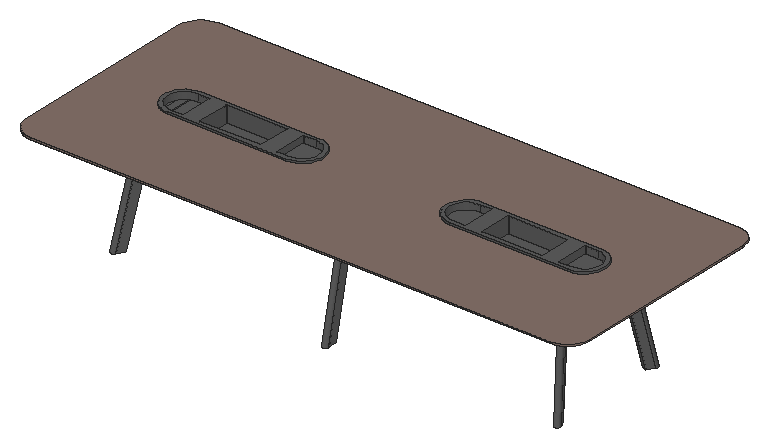
Revit family "Haworth_Immerse_SingleTable_RectangleTwoPieceTop", category Furniture Systems, Revit 2018
Family settings
  Round Connector Dimension = Use Diameter
  Part Type = Normal
  OmniClass Number = 23.40.70.14.64.21
  OmniClass Title = Systems Furniture
  Work Plane-Based = No
  Always vertical = Yes
  Cut with Voids When Loaded = No
  Shared = No
  Room Calculation Point = No
Parameters (values of type "60d 144w 29h - Oblong Planter")
  Warranty = "http://www.haworth.com/resources/product-info/warranties"
  Upper Top Thickness = 1 3/16"  # constant formula
  Understucture Thickness = 3 1/2"  # constant formula
  Understructure Overall Width = 81"
  Understructure Finish [instance] = Haworth _ Paint _ Black
  Understructure Depth = Actual Depth * (1 / 3)  # 20"
  URL - Product = "http://www.haworth.com/products/tables/collaborative/immerse"
  Top Finish [instance] = Haworth _ Wood _ Walnut
  Standard Widths = "144 in."  # constant formula
  Standard Heights = "29 in."  # constant formula
  Standard Depths = "48, 60 in."  # constant formula
  Size = "Verify Final Dim. w/ Haworth"  # constant formula
  Planter Finish [instance] = Haworth _ Paint _ Black
  Oblong Planter Void Height = if(Oblong Planter, 2", 13/128")  # 2"
  Oblong Planter = yes
  Model = "THRA-60E4"  # constant formula
  URL = "https://www.haworth.com/na/en.html"
  Revision Number = "1"  # constant formula
  Manufacturer = "Haworth"  # constant formula
  Lower Top Width = Actual Width - 2"  # 142"
  Lower Top Thickness = 1/8"  # constant formula
  Lower Top Cutout Width = Understructure Overall Width - 3"  # 78"
  Lower Top Cutout Depth = 12 1/2"  # constant formula
  Leg Finish [instance] = Haworth _ Wood _ Ink On Ash
  Description = "Haworth Immerse Single Table Rectangle Two Piece Top - 60d 144w 29h - Oblong Planter"
  Author = "Haworth (Bentzen)"  # constant formula
  Assembly Code = "E2020200"
  Actual Width = 144"  # constant formula
  Actual Height = 29"  # constant formula
  Actual Depth = 60"
Types (4): name | Understructure Depth | Oblong Planter Void Height | Oblong Planter | Description | Actual Depth
  48d 144w 29h - Oblong Planter | 16" | 2" | yes | "Haworth Immerse Single Table Rectangle Two Piece Top - 48d 144w 29h - Oblong Planter" | 48"
  48d 144w 29h - No Planter | 16" | 13/128" | no | "Haworth Immerse Single Table Rectangle Two Piece Top - 48d 144w 29h - No Planter" | 48"
  60d 144w 29h - Oblong Planter | 20" | 2" | yes | "Haworth Immerse Single Table Rectangle Two Piece Top - 60d 144w 29h - Oblong Planter" | 60"
  60d 144w 29h - No Planter | 20" | 13/128" | no | "Haworth Immerse Single Table Rectangle Two Piece Top - 60d 144w 29h - No Planter" | 60"
Reference planes (in)
  plane 1 "Floor": z = 0
  plane 2: z = 27.82
  plane 3: z = 29.82
  plane 4: z = 29
  plane 5: z = 28.66709
  plane 6: z = 27.82
  plane 7: z = 25.07
  plane 8: x = -82.30909
  plane 9: x = 61.69091
  plane 10: x = -10.30909
  plane 11: x = -80.30909
  plane 12: x = 59.69091
  plane 13: y = 18.84134
  plane 14: y = 48.84134
  plane 15: y = -11.15866
  plane 16: y = 46.84134
  plane 17: y = -9.15866
  plane 18: x = -63.124
  plane 19: x = 42.50582
  plane 20: x = -64.73122
  plane 21: x = 44.11305
  plane 22: y = 8.84134
  plane 23: y = 28.84134
  plane 24: x = -9.50635
  plane 25: x = -11.11182
  plane 26: y = 11.20334
  plane 27: y = 26.47934
  plane 28: x = -66.20909
  plane 29: x = -26.40909
  plane 30: x = -46.30909
  plane 31: y = 24.11172
  plane 32: y = 13.57096
  plane 33: x = 25.79653
  plane 34: x = -9.25627
  plane 35: x = -11.25634
Forms (in)
  Extrusion 1, solid, material "Haworth _ Paint _ Black" <- "Understructure Finish"
    sketch origin (-47.92254, 131.41995, 1.06449) x (0, 1, 0) y (0, 0, 1)
      loop
        line (-102.57861, 26.75551) -> (-104.94061, 26.75551) -> (-104.94061, 24.00551) -> (-102.57861, 24.00551) -> (-102.57861, 26.75551)
    from -15.20146 to 90.42836
  Extrusion 2, solid, material "Haworth _ Paint _ Black" <- "Understructure Finish"
    sketch origin (-47.92254, -179.73727, -24.86298) x (0, -1, 0) y (0, 0, -1)
      loop
        line (-188.57861, -52.68298) -> (-188.57861, -49.93298) -> (-190.94061, -49.93298) -> (-190.94061, -52.68298) -> (-188.57861, -52.68298)
    from -15.20146 to 90.42836
  Extrusion 3, void
    sketch origin (2.61861, 57.96796, 7) x (-1, 0, 0) y (0, -1, 0)
      loop
        arc (64.0177, 33.85624) -> (69.28808, 39.12661) -> (64.0177, 44.39699) r 5.27038
        line (64.0177, 44.39699) -> (33.8377, 44.39699)
        arc (33.8377, 44.39699) -> (28.56732, 39.12661) -> (33.8377, 33.85624) r 5.27038
        line (33.8377, 33.85624) -> (64.0177, 33.85624)
    from 20.82 to 22.82
  Extrusion 4, solid, material "Haworth _ Paint _ Black" <- "Understructure Finish"
    sketch origin (-37.14123, -120.2412, 11.98828) x (0, -1, 0) y (0, 0, -1)
      loop
        line (-129.08254, -15.83172) -> (-129.08254, -13.08172) -> (-149.08254, -13.08172) -> (-149.08254, -15.83172) -> (-129.08254, -15.83172)
    from 79.64705 to 81.25427
  Extrusion 5, solid, material "Haworth _ Paint _ Black" <- "Understructure Finish"
    sketch origin (-124.28941, -113.5172, -2.45431) x (0, -1, 0) y (0, 0, -1)
      loop
        line (-122.35854, -30.2743) -> (-122.35854, -27.52431) -> (-142.35854, -27.52431) -> (-142.35854, -30.2743) -> (-122.35854, -30.2743)
    from 59.55819 to 61.16541
  Extrusion 6, solid, material "Haworth _ Wood _ Walnut" <- "Top Finish"
    sketch origin (0, 0, 0) x (1, 0, 0) y (0, 1, 0)
      loop
        arc (-76.76221, 48.84134) -> (-80.68444, 47.2167) -> (-82.30909, 43.29447) r 5.54688
        line (-82.30909, 43.29447) -> (-82.30909, -5.61178)
        arc (-82.30909, -5.61178) -> (-80.68444, -9.53402) -> (-76.76221, -11.15866) r 5.54688
        line (-76.76221, -11.15866) -> (56.14404, -11.15866)
        arc (56.14404, -11.15866) -> (60.06627, -9.53402) -> (61.69091, -5.61178) r 5.54688
        line (61.69091, -5.61178) -> (61.69091, 43.29447)
        arc (61.69091, 43.29447) -> (60.06627, 47.2167) -> (56.14404, 48.84134) r 5.54688
        line (56.14404, 48.84134) -> (-76.76221, 48.84134)
    from 28.66709 to 29
  Blend 7, solid, material "Haworth _ Wood _ Walnut" <- "Top Finish"
    base sketch origin (0, 0, 0) x (1, 0, 0) y (0, 1, 0)
      loop
        arc (-74.80909, 46.84134) -> (-78.69817, 45.23043) -> (-80.30909, 41.34134) r 5.5
        line (-80.30909, 41.34134) -> (-80.30909, -3.61178)
        arc (-80.30909, -3.61178) -> (-78.68444, -7.53402) -> (-74.76221, -9.15866) r 5.54688
        line (-74.76221, -9.15866) -> (54.14404, -9.15866)
        arc (54.14404, -9.15866) -> (58.06627, -7.53402) -> (59.69091, -3.61178) r 5.54688
        line (59.69091, -3.61178) -> (59.69091, 41.29447)
        arc (59.69091, 41.29447) -> (58.06627, 45.2167) -> (54.14404, 46.84134) r 5.54688
        line (54.14404, 46.84134) -> (-74.80909, 46.84134)
    top sketch origin (0, 0, 0) x (1, 0, 0) y (0, 1, 0)
      loop
        arc (-76.76221, 48.84134) -> (-80.68444, 47.2167) -> (-82.30909, 43.29447) r 5.54688
        line (-82.30909, 43.29447) -> (-82.30909, -5.61178)
        arc (-82.30909, -5.61178) -> (-80.68444, -9.53402) -> (-76.76221, -11.15866) r 5.54688
        line (-76.76221, -11.15866) -> (56.14404, -11.15866)
        arc (56.14404, -11.15866) -> (60.06627, -9.53402) -> (61.69091, -5.61178) r 5.54688
        line (61.69091, -5.61178) -> (61.69091, 43.29447)
        arc (61.69091, 43.29447) -> (60.06627, 47.2167) -> (56.14404, 48.84134) r 5.54688
        line (56.14404, 48.84134) -> (-76.76221, 48.84134)
    from 27.82 to 28.66709
  Blend 8, solid, material "Haworth _ Wood _ Ink On Ash" <- "Leg Finish"
    base sketch origin (-325.71696, -155.49605, -9.73574) x (0.962386, 0.271687, 0) y (-0.271687, 0.962386, 0)
      loop
        line (293.14619, 84.68769) -> (291.56391, 83.10541)
        arc (291.56391, 83.10541) -> (291.56391, 82.00939) -> (292.65992, 82.00939) r 0.775
        line (292.65992, 82.00939) -> (294.2422, 83.59167) -> (293.14619, 84.68769)
    top sketch origin (-325.71696, -155.49605, -9.73574) x (0.962386, 0.271687, 0) y (-0.271687, 0.962386, 0)
      loop
        line (297.73116, 89.27266) -> (295.97741, 87.51891)
        arc (295.97741, 87.51891) -> (295.97741, 86.42289) -> (297.07342, 86.42289) r 0.775
        line (297.07342, 86.42289) -> (298.82718, 88.17665) -> (297.73116, 89.27266)
    from 9.73574 to 37.55574
  Blend 9, solid, material "Haworth _ Wood _ Ink On Ash" <- "Leg Finish"
    base sketch origin (-325.71693, 193.17877, -9.73574) x (0.962386, -0.271687, 0) y (0.271687, 0.962386, 0)
      loop
        line (293.14619, -84.68769) -> (294.2422, -83.59167) -> (292.65992, -82.00939)
        arc (292.65992, -82.00939) -> (291.56391, -82.00939) -> (291.56391, -83.10541) r 0.775
        line (291.56391, -83.10541) -> (293.14619, -84.68769)
    top sketch origin (-325.71693, 193.17877, -9.73574) x (0.962386, -0.271687, 0) y (0.271687, 0.962386, 0)
      loop
        line (297.73116, -89.27266) -> (298.82718, -88.17665) -> (297.07342, -86.42289)
        arc (297.07342, -86.42289) -> (295.97741, -86.42289) -> (295.97741, -87.51891) r 0.775
        line (295.97741, -87.51891) -> (297.73116, -89.27266)
    from 9.73574 to 37.55574
  Blend 10, solid, material "Haworth _ Wood _ Ink On Ash" <- "Leg Finish"
    base sketch origin (281.09879, -155.49605, -9.73574) x (-0.962386, 0.271687, 0) y (-0.271687, -0.962386, 0)
      loop
        line (270.04893, -91.20817) -> (271.14495, -90.11215) -> (269.56267, -88.52987)
        arc (269.56267, -88.52987) -> (268.46665, -88.52987) -> (268.46665, -89.62589) r 0.775
        line (268.46665, -89.62589) -> (270.04893, -91.20817)
    top sketch origin (281.09879, -155.49605, -9.73574) x (-0.962386, 0.271687, 0) y (-0.271687, -0.962386, 0)
      loop
        line (274.63391, -95.79314) -> (275.72992, -94.69713) -> (273.97617, -92.94337)
        arc (273.97617, -92.94337) -> (272.88015, -92.94337) -> (272.88015, -94.03939) r 0.775
        line (272.88015, -94.03939) -> (274.63391, -95.79314)
    from 9.73574 to 37.55574
  Blend 11, solid, material "Haworth _ Wood _ Ink On Ash" <- "Leg Finish"
    base sketch origin (281.09879, 193.17873, -9.73574) x (-0.962386, -0.271687, 0) y (0.271687, -0.962386, 0)
      loop
        line (270.04893, 91.20817) -> (268.46665, 89.62589)
        arc (268.46665, 89.62589) -> (268.46665, 88.52987) -> (269.56267, 88.52987) r 0.775
        line (269.56267, 88.52987) -> (271.14495, 90.11215) -> (270.04893, 91.20817)
    top sketch origin (281.09879, 193.17873, -9.73574) x (-0.962386, -0.271687, 0) y (0.271687, -0.962386, 0)
      loop
        line (274.63391, 95.79314) -> (272.88015, 94.03939)
        arc (272.88015, 94.03939) -> (272.88015, 92.94337) -> (273.97617, 92.94337) r 0.775
        line (273.97617, 92.94337) -> (275.72992, 94.69713) -> (274.63391, 95.79314)
    from 9.73574 to 37.55574
  Extrusion 12, solid, material "Haworth _ Paint _ Black" <- "Understructure Finish"
    sketch origin (-70.67001, -120.2412, 7.77448) x (0, -1, 0) y (0, 0, -1)
      loop
        line (-129.08254, -20.04552) -> (-129.08254, -17.29552) -> (-149.08254, -17.29552) -> (-149.08254, -20.04552) -> (-129.08254, -20.04552)
    from 59.55819 to 61.41374
  Blend 13, solid, material "Haworth _ Wood _ Ink On Ash" <- "Leg Finish"
    base sketch origin (-159.06919, 303.40359, -9.99195) x (0.707107, -0.707107, 0) y (0.707107, 0.707107, 0)
      loop
        line (294.22079, -84.89892) -> (295.31681, -83.8029) -> (293.73453, -82.22062)
        arc (293.73453, -82.22062) -> (292.63851, -82.22062) -> (292.63851, -83.31664) r 0.775
        line (292.63851, -83.31664) -> (294.22079, -84.89892)
    top sketch origin (-159.06919, 303.40359, -9.99195) x (0.707107, -0.707107, 0) y (0.707107, 0.707107, 0)
      loop
        line (298.80577, -89.48389) -> (299.90178, -88.38788) -> (298.14803, -86.63412)
        arc (298.14803, -86.63412) -> (297.05201, -86.63412) -> (297.05201, -87.73014) r 0.775
        line (297.05201, -87.73014) -> (298.80577, -89.48389)
    from 9.73574 to 37.81195
  Extrusion 14, void
    sketch origin (-23.23679, 57.96796, 7) x (1, 0, 0) y (0, 1, 0)
      loop
        line (64.0177, -33.85624) -> (34.07547, -33.85624)
        arc (34.07547, -33.85624) -> (28.80509, -39.12661) -> (34.07547, -44.39699) r 5.27038
        line (34.07547, -44.39699) -> (64.0177, -44.39699)
        arc (64.0177, -44.39699) -> (69.28808, -39.12661) -> (64.0177, -33.85624) r 5.27038
    from 20.5 to 22.82
  Blend 15, solid, material "Haworth _ Wood _ Ink On Ash" <- "Leg Finish", not visible
    base sketch origin (-159.06919, 339.08628, -9.73574) x (0.707107, -0.707107, 0) y (0.707107, 0.707107, 0)
      loop
        line (320.86647, -111.5446) -> (321.96249, -110.44858) -> (320.38021, -108.8663)
        arc (320.38021, -108.8663) -> (319.28419, -108.8663) -> (319.28419, -109.96232) r 0.775
        line (319.28419, -109.96232) -> (320.86647, -111.5446)
    top sketch origin (-159.06919, 339.08628, -9.73574) x (0.707107, -0.707107, 0) y (0.707107, 0.707107, 0)
      loop
        line (325.45145, -116.12957) -> (326.54746, -115.03356) -> (324.79371, -113.2798)
        arc (324.79371, -113.2798) -> (323.69769, -113.2798) -> (323.69769, -114.37582) r 0.775
        line (323.69769, -114.37582) -> (325.45145, -116.12957)
    from 9.73574 to 37.81195
  Blend 16, solid, material "Haworth _ Wood _ Ink On Ash" <- "Leg Finish"
    base sketch origin (-159.06919, 303.40359, -9.99195) x (0.707107, -0.707107, 0) y (0.707107, 0.707107, 0)
      loop
        line (317.53288, -108.211) -> (319.11516, -109.79328)
        arc (319.11516, -109.79328) -> (320.21117, -109.79328) -> (320.21117, -108.69727) r 0.775
        line (320.21117, -108.69727) -> (318.6289, -107.11499) -> (317.53288, -108.211)
    top sketch origin (-159.06919, 303.40359, -9.99195) x (0.707107, -0.707107, 0) y (0.707107, 0.707107, 0)
      loop
        line (312.9479, -103.62603) -> (314.70166, -105.37978)
        arc (314.70166, -105.37978) -> (315.79767, -105.37978) -> (315.79767, -104.28377) r 0.775
        line (315.79767, -104.28377) -> (314.04392, -102.53001) -> (312.9479, -103.62603)
    from 9.73574 to 37.81195
Cuts and joins
  Extrusion 3, Extrusion 14 cuts Extrusion 6
  Extrusion 3, Extrusion 14 cuts Blend 7
  Extrusion 3 cuts Extrusion 5
  Extrusion 14 cuts Extrusion 4
Lines and regions (in)
  Masking region 1
    outline origin (0, 0, 0) x (1, 0, 0) y (0, 1, 0)
      loop
        arc (-76.76221, 48.84134) -> (-80.68444, 47.2167) -> (-82.30909, 43.29447) r 5.54688
        line (-82.30909, 43.29447) -> (-82.30909, -5.61178)
        arc (-82.30909, -5.61178) -> (-80.68444, -9.53402) -> (-76.76221, -11.15866) r 5.54688
        line (-76.76221, -11.15866) -> (56.14404, -11.15866)
        arc (56.14404, -11.15866) -> (60.06627, -9.53402) -> (61.69091, -5.61178) r 5.54688
        line (61.69091, -5.61178) -> (61.69091, 43.29447)
        arc (61.69091, 43.29447) -> (60.06627, 47.2167) -> (56.14404, 48.84134) r 5.54688
        line (56.14404, 48.84134) -> (-76.76221, 48.84134)
  symbolic lines, style "Haworth Hidden", detail levels fine
    curve 1: line (-64.73122, 9.40886, 0) -> (-64.73122, 28.27382, 0)
    curve 2: line (-64.73122, 28.27382, 0) -> (-69.17106, 36.20648, 0)
    curve 3: arc (-69.17106, 36.20648, 0) -> (-68.78683, 37.5675, 0) -> (-67.42582, 37.18327, 0) r 1
    curve 4: line (-67.42582, 37.18327, 0) -> (-62.75693, 28.84137, 0)
    curve 5: line (-62.75693, 28.84137, 0) -> (42.13876, 28.84137, 0)
    curve 6: line (-64.73122, 9.40886, 0) -> (-69.17106, 1.47621, 0)
    curve 7: arc (-69.17106, 1.47621, 0) -> (-68.78683, 0.11519, 0) -> (-67.42582, 0.49941, 0) r 1
    curve 8: line (-67.42582, 0.49941, 0) -> (-62.75693, 8.84131, 0)
    curve 9: line (-62.75693, 8.84131, 0) -> (42.13876, 8.84131, 0)
    curve 10: line (44.11305, 9.40886, 0) -> (44.11305, 28.27382, 0)
    curve 11: line (-63.124, 26.47934, 0) -> (-63.124, 11.20334, 0)
    curve 12: line (-63.124, 11.20334, 0) -> (42.50582, 11.20334, 0)
    curve 13: line (42.50582, 11.20334, 0) -> (42.50582, 26.47934, 0)
    curve 14: line (42.50582, 26.47934, 0) -> (-63.124, 26.47934, 0)
    curve 15: line (44.11305, 28.27382, 0) -> (48.55288, 36.20648, 0)
    curve 16: arc (48.55288, 36.20648, 0) -> (48.16866, 37.5675, 0) -> (46.80764, 37.18327, 0) r 1
    curve 17: line (46.80764, 37.18327, 0) -> (42.13876, 28.84137, 0)
    curve 18: line (44.11305, 9.40886, 0) -> (48.55288, 1.47621, 0)
    curve 19: arc (48.55288, 1.47621, 0) -> (48.16866, 0.11519, 0) -> (46.80764, 0.49941, 0) r 1
    curve 20: line (46.80764, 0.49941, 0) -> (42.13876, 8.84131, 0)
    curve 21: line (-9.25627, 28.84137, 0) -> (-9.25627, 41.16562, 0)
    curve 22: arc (-9.25627, 41.16562, 0) -> (-10.25627, 42.16562, 0) -> (-11.25627, 41.16562, 0) r 1
    curve 23: line (-11.25627, 41.16562, 0) -> (-11.25627, 28.84137, 0)
    curve 24: line (-9.25627, 8.84131, 0) -> (-9.25627, -3.48294, 0)
    curve 25: arc (-9.25627, -3.48294, 0) -> (-10.25627, -4.48294, 0) -> (-11.25627, -3.48294, 0) r 1
    curve 26: line (-11.25627, -3.48294, 0) -> (-11.25627, 8.84131, 0)
Dimensions and locks (in)
  "Oblong Planter Void Height": plane 3 to plane 2
  equal spacing: plane 8, plane 10, plane 9
  "Actual Width": plane 8 to plane 9
  locked: plane 12 to plane 9 at 2
  locked: plane 8 to plane 11 at 2
  "Actual Depth": plane 14 to plane 15
  equal spacing: plane 14, plane 13, plane 15
  locked: plane 14 to plane 16 at 2
  locked: plane 17 to plane 15 at 2
  plane 19 to plane 21 to plane 12 = 1.60722" locked, 15.57786" locked
  plane 11 to plane 20 to plane 18 = 15.57786", 1.60722"
  locked: plane 23 to plane 27 at 2.362
  locked: plane 26 to plane 22 at 2.362
  equal spacing: plane 23, plane 13, plane 22
  "Understructure Depth": plane 23 to plane 22
  equal spacing: plane 28, plane 30, plane 29
  locked: plane 32 to plane 31 at 10.54076
  plane 4 to plane 5 to plane 6 to plane 7 = 0.33291" locked, 0.84709" locked, 2 3/4" locked
  "Actual Height": plane 4 to plane 1 "Floor"
  aligned and locked: Extrusion 2 to plane 7
  aligned and locked: plane 6 to Extrusion 1
  aligned and locked: Extrusion 1 to plane 7
  aligned and locked: plane 6 to Extrusion 2
  aligned and locked: Extrusion 3 to plane 3
  aligned and locked: Extrusion 3 to plane 2
  aligned and locked: Extrusion 4 to plane 7
  aligned and locked: plane 6 to Extrusion 4
  aligned and locked: nested 1 to plane 4
  aligned and locked: plane 6 to Extrusion 5
  aligned and locked: Extrusion 5 to plane 7
  aligned and locked: plane 14 to Extrusion 6
  aligned and locked: Extrusion 6 to plane 15
  aligned and locked: plane 8 to Extrusion 6
  aligned and locked: Extrusion 6 to plane 9
  aligned and locked: Extrusion 6 to plane 4
  aligned and locked: Extrusion 6 to plane 5
  aligned and locked: Blend 7 to plane 5
  aligned and locked: Blend 7 to plane 6
  aligned and locked: plane 6 to Blend 8
  aligned and locked: plane 6 to Blend 9
  aligned and locked: plane 6 to Blend 10
  aligned and locked: plane 6 to Blend 11
  aligned and locked: nested 2 to plane 6
  aligned and locked: plane 6 to nested 3
  aligned and locked: Extrusion 1 to Extrusion 5
  aligned and locked: Extrusion 1 to Extrusion 2
  aligned and locked: plane 19 to Extrusion 1
  aligned and locked: plane 19 to Extrusion 2
  aligned and locked: Extrusion 4 to Extrusion 2
  aligned and locked: plane 20 to Extrusion 5
  aligned and locked: Extrusion 5 to plane 18
  aligned and locked: plane 21 to Extrusion 4
  aligned and locked: plane 22 to Extrusion 12
  aligned and locked: plane 23 to Extrusion 12
  aligned and locked: plane 25 to Extrusion 12
  aligned and locked: plane 22 to nested 6
  aligned and locked: nested 2 to Blend 8
  aligned and locked: nested 5 to Blend 11
  aligned and locked: nested 4 to Blend 10
  aligned and locked: nested 7 to plane 23
  aligned and locked: Blend 13 to plane 23
  aligned and locked: nested 6 to plane 22
  aligned and locked: nested 3 to Blend 9
  aligned and locked: plane 30 to nested 1
  aligned and locked: plane 13 to nested 1
  aligned and locked: Extrusion 14 to plane 3
  aligned and locked: cut or joined group of Extrusion 3, Extrusion 6, Extrusion 14 to plane 31  (x2)
  aligned and locked: cut or joined group of Extrusion 3, Extrusion 6, Extrusion 14 to plane 32  (x2)
  aligned and locked: Blend 16 to plane 22
  aligned and locked: plane 23 to cut or joined group of Extrusion 3, Extrusion 5
  aligned and locked: plane 22 to cut or joined group of Extrusion 3, Extrusion 5
  aligned and locked: plane 22 to Extrusion 2
  aligned and locked: plane 26 to Extrusion 2
  aligned and locked: plane 23 to Extrusion 1
  aligned and locked: plane 27 to Extrusion 1
  aligned and locked: plane 21 to cut or joined group of Extrusion 4, Extrusion 14
  aligned and locked: cut or joined group of Extrusion 4, Extrusion 14 to plane 19
  aligned and locked: plane 22 to cut or joined group of Extrusion 4, Extrusion 14
  aligned and locked: plane 23 to cut or joined group of Extrusion 4, Extrusion 14
  aligned and locked: Masking region 1 to plane 9
  aligned and locked: plane 14 to Masking region 1
  aligned and locked: plane 8 to Masking region 1
  aligned and locked: Masking region 1 to plane 15
  aligned and locked: nested 8 to plane 13
  aligned and locked: nested 8 to plane 33
  aligned and locked: plane 2 to Blend 16
  aligned and locked: plane 2 to Blend 13
  aligned and locked: nested 6 to plane 2
  aligned and locked: plane 2 to nested 7
  aligned and locked: plane 6 to Blend 16
  aligned and locked: plane 6 to nested 4
  aligned and locked: nested 5 to plane 6
  aligned and locked: Blend 9 to plane 1 "Floor"
  aligned and locked: Blend 8 to plane 1 "Floor"
  aligned and locked: plane 34 to nested 6
  aligned and locked: plane 35 to nested 7
  aligned and locked: Extrusion 12 to plane 34
  aligned and locked: Extrusion 12 to plane 7
  aligned and locked: plane 6 to Extrusion 12
  aligned and locked: Blend 10 to plane 1 "Floor"
  aligned and locked: Blend 11 to plane 1 "Floor"
Automatic sketch dimensions
  Blend 7 sketch curve to plane 11 = 0"
  Blend 7 sketch curve to plane 16 = 0"
  Blend 7 sketch curve to plane 17 = 0"
  Blend 7 sketch curve to plane 12 = 0"
  Blend 7 sketch curve to Blend 7 sketch curve = 5 1/2"
  plane 11 to Blend 7 sketch curve = 5 35/64"
  plane 12 to Blend 7 sketch curve = 5 35/64"  (x2)
  Blend 13 sketch curve to Blend 13 sketch curve = 0.54801"  (x4)
  Blend 13 sketch curve to Blend 13 sketch curve = 1.58228"
  Blend 13 sketch curve to Blend 13 sketch curve = 1.09601"
  Blend 13 sketch curve to Blend 13 sketch curve = 0.48626"
  Blend 13 sketch curve to Blend 13 sketch curve = 1.09602"  (x2)
  Blend 13 sketch curve to Blend 13 sketch curve = 1.75375"
  Blend 15 sketch curve to Blend 15 sketch curve = 0.54801"  (x4)
  Blend 15 sketch curve to Blend 15 sketch curve = 1.58228"
  Blend 15 sketch curve to Blend 15 sketch curve = 1.09601"
  Blend 15 sketch curve to Blend 15 sketch curve = 0.48626"
  Blend 15 sketch curve to Blend 15 sketch curve = 1.09602"  (x2)
  Blend 15 sketch curve to Blend 15 sketch curve = 1.75375"
  Blend 16 sketch curve to Blend 16 sketch curve = 0.54801"  (x4)
  Blend 16 sketch curve to Blend 16 sketch curve = 1.58228"
  Blend 16 sketch curve to Blend 16 sketch curve = 1.09601"
  Blend 16 sketch curve to Blend 16 sketch curve = 2.67829"
  Blend 16 sketch curve to Blend 16 sketch curve = 1.09602"  (x2)
  Blend 16 sketch curve to Blend 16 sketch curve = 1.75375"
  curve 6 to plane 20 = 0"
  curve 12 to plane 18 = 0"
  curve 13 to plane 19 = 0"
  curve 18 to plane 21 = 0"
  curve 13 to plane 26 = 0"
  plane 27 to curve 14 = 0"
  plane 28 to curve 8 = 1.21673"
  plane 28 to curve 4 = 1.21673"
  curve 7 to curve 8 = 0.87262"
  curve 3 to curve 4 = 0.87262"
  curve 2 to curve 3 = 0.87262"
  curve 6 to curve 7 = 0.87262"
  plane 22 to curve 9 = 0.00003"
  curve 9 to plane 18 = 0.36707"
  plane 23 to curve 5 = 0.00003"
  curve 5 to plane 18 = 0.36707"
  plane 25 to curve 26 = 0.14445"
  plane 25 to curve 23 = 0.14445"
  plane 10 to curve 22 = 0.05281"
  plane 10 to curve 25 = 0.05281"
  curve 9 to plane 19 = 0.36707"
  curve 17 to plane 19 = 0.36707"
  plane 21 to curve 17 = 2.69459"
  plane 21 to curve 20 = 2.69459"
  curve 16 to curve 16 = 0.87262"
  curve 19 to curve 19 = 0.87262"
  curve 16 to curve 15 = 0.87262"
  curve 19 to curve 18 = 0.87262"
  plane 22 to curve 18 = 7.36514"
  plane 22 to curve 6 = 7.36514"
  curve 7 to curve 7 = 0.4884"
  curve 19 to curve 19 = 0.4884"
  plane 17 to curve 24 = 5.67572"
  curve 6 to plane 22 = 0.56752"
  curve 10 to plane 22 = 0.56752"
  curve 1 to plane 23 = 0.56752"
  curve 10 to plane 23 = 0.56752"
  plane 23 to curve 2 = 7.36514"
  plane 23 to curve 15 = 7.36514"
  curve 15 to curve 16 = 0.4884"
  curve 2 to curve 3 = 0.4884"
  curve 23 to plane 16 = 5.67572"
  plane 6 to Extrusion 1 sketch curve = 0"
  plane 27 to Extrusion 1 sketch curve = 0"
  plane 23 to Extrusion 1 sketch curve = 0"
  Extrusion 1 sketch curve to plane 7 = 0"
  plane 6 to Extrusion 2 sketch curve = 0"
  plane 26 to Extrusion 2 sketch curve = 0"
  plane 22 to Extrusion 2 sketch curve = 0"
  Extrusion 2 sketch curve to plane 7 = 0"
  Extrusion 3 sketch curve to plane 32 = 0"
  plane 31 to Extrusion 3 sketch curve = 0"
  plane 29 to Extrusion 3 sketch curve = 4.81"
  Extrusion 3 sketch curve to plane 18 = 1.72491"
  plane 6 to Extrusion 4 sketch curve = 0"
  plane 23 to Extrusion 4 sketch curve = 0"
  plane 22 to Extrusion 4 sketch curve = 0"
  Extrusion 4 sketch curve to plane 7 = 0"
  plane 6 to Extrusion 5 sketch curve = 0"
  plane 23 to Extrusion 5 sketch curve = 0"
  plane 22 to Extrusion 5 sketch curve = 0"
  Extrusion 5 sketch curve to plane 7 = 0"
  Extrusion 6 sketch curve to plane 8 = 0"
  Extrusion 6 sketch curve to plane 15 = 0"
  plane 14 to Extrusion 6 sketch curve = 0"
  Extrusion 6 sketch curve to plane 9 = 0"
  plane 11 to Extrusion 6 sketch curve = 3 35/64"  (x2)
  plane 12 to Extrusion 6 sketch curve = 3 35/64"  (x2)
  Blend 7 sketch curve to plane 8 = 0"
  Blend 7 sketch curve to plane 15 = 0"
  Blend 7 sketch curve to plane 14 = 0"
  Blend 7 sketch curve to plane 9 = 0"
  plane 11 to Blend 7 sketch curve = 3 35/64"  (x2)
  plane 12 to Blend 7 sketch curve = 3 35/64"  (x2)
  plane 28 to Blend 8 sketch curve = 1.48956"
  plane 22 to Blend 8 sketch curve = 5.14388"
  Blend 8 sketch curve to Blend 8 sketch curve = 0.54801"  (x6)
  Blend 8 sketch curve to Blend 8 sketch curve = 1.58228"
  Blend 8 sketch curve to Blend 8 sketch curve = 1.09601"
  Blend 8 sketch curve to plane 20 = 0.08097"
  Blend 8 sketch curve to plane 22 = 0.3027"
  Blend 8 sketch curve to Blend 8 sketch curve = 1.75375"
  Blend 8 sketch curve to Blend 8 sketch curve = 1.09602"
  plane 28 to Blend 9 sketch curve = 1.48956"
  plane 23 to Blend 9 sketch curve = 5.14388"
  Blend 9 sketch curve to Blend 9 sketch curve = 0.54801"  (x4)
  Blend 9 sketch curve to Blend 9 sketch curve = 1.58228"
  Blend 9 sketch curve to Blend 9 sketch curve = 1.09601"
  Blend 9 sketch curve to Blend 9 sketch curve = 0.48626"
  Blend 9 sketch curve to plane 20 = 0.08097"
  Blend 9 sketch curve to plane 23 = 0.3027"
  Blend 9 sketch curve to Blend 9 sketch curve = 1.75375"
  Blend 9 sketch curve to Blend 9 sketch curve = 1.09602"
  Blend 9 sketch curve to Blend 9 sketch curve = 0.65774"
  plane 21 to Blend 10 sketch curve = 2.96743"
  plane 22 to Blend 10 sketch curve = 5.14388"
  Blend 10 sketch curve to Blend 10 sketch curve = 0.54801"  (x4)
  Blend 10 sketch curve to Blend 10 sketch curve = 1.58228"
  Blend 10 sketch curve to Blend 10 sketch curve = 1.09601"
  Blend 10 sketch curve to Blend 10 sketch curve = 0.48626"
  Blend 10 sketch curve to plane 21 = 0.08097"
  Blend 10 sketch curve to plane 22 = 0.3027"
  Blend 10 sketch curve to Blend 10 sketch curve = 1.75375"
  Blend 10 sketch curve to Blend 10 sketch curve = 1.09602"
  Blend 10 sketch curve to Blend 10 sketch curve = 0.65774"
  plane 21 to Blend 11 sketch curve = 2.96743"
  plane 23 to Blend 11 sketch curve = 5.14388"
  Blend 11 sketch curve to Blend 11 sketch curve = 0.54801"  (x6)
  Blend 11 sketch curve to Blend 11 sketch curve = 1.58228"
  Blend 11 sketch curve to Blend 11 sketch curve = 1.09601"
  Blend 11 sketch curve to plane 21 = 0.08097"
  Blend 11 sketch curve to plane 23 = 0.3027"
  Blend 11 sketch curve to Blend 11 sketch curve = 1.75375"
  Blend 11 sketch curve to Blend 11 sketch curve = 1.09602"
  plane 8 to Masking region 1 sketch curve = 0"
  Masking region 1 sketch curve to plane 15 = 0"
  plane 14 to Masking region 1 sketch curve = 0"
  Masking region 1 sketch curve to plane 9 = 0"
  plane 11 to Masking region 1 sketch curve = 3 35/64"  (x2)
  plane 12 to Masking region 1 sketch curve = 3 35/64"  (x2)
  plane 6 to Extrusion 12 sketch curve = 0"
  plane 23 to Extrusion 12 sketch curve = 0"
  plane 22 to Extrusion 12 sketch curve = 0"
  Extrusion 12 sketch curve to plane 7 = 0"
  plane 32 to Extrusion 14 sketch curve = 0"
  plane 31 to Extrusion 14 sketch curve = 0"
  Extrusion 14 sketch curve to plane 24 = 20.34504"
  Extrusion 14 sketch curve to plane 19 = 1.72491"
Nested families (in)
  nested 1: "Haworth_Immerse_Planter_Oblong" at (-5.80909, 30, -0.49998), Planter Finish <- "Planter Finish", visible <- "Oblong Planter", type "EHPO"
    with Planter Finish Haworth _ Paint _ Black
  nested 2: "Haworth_Immerse_Support_Part" at (-107.06069, 14.65544, -0.41641) x (-0.8726, 0.4884, 0) z (0, 0, 1), Understructure Finish <- "Understructure Finish", type "Support"
    with Understructure Finish Haworth _ Paint _ Black
  nested 3: "Haworth_Immerse_Support_Part" at (-107.06069, 23.02725, -0.41641) x (-0.8726, -0.4884, 0) z (0, 0, 1), Understructure Finish <- "Understructure Finish", type "Support"
    with Understructure Finish Haworth _ Paint _ Black
  nested 4: "Haworth_Immerse_Support_Part" at (86.44252, 14.65544, -0.41641) x (0.8726, 0.4884, 0) z (0, 0, 1), Understructure Finish <- "Understructure Finish", type "Support"
    with Understructure Finish Haworth _ Paint _ Black
  nested 5: "Haworth_Immerse_Support_Part" at (86.44252, 23.02725, -0.41641) x (0.8726, -0.4884, 0) z (0, 0, 1), Understructure Finish <- "Understructure Finish", type "Support"
    with Understructure Finish Haworth _ Paint _ Black
  nested 6: "Haworth_Immerse_Support_Part" at (-50.75627, -9.54265, -0.41641) x (-1, 0, 0) z (0, 0, 1), Understructure Finish <- "Understructure Finish", type "Support"
    with Understructure Finish Haworth _ Paint _ Black
  nested 7: "Haworth_Immerse_Support_Part" at (-50.75634, 47.22533, -0.41641) x (-1, 0, 0) z (0, 0, 1), Understructure Finish <- "Understructure Finish", type "Support"
    with Understructure Finish Haworth _ Paint _ Black
  nested 8: "Haworth_Immerse_Planter_Oblong" at (-14.70346, 29.99999, -0.49998) x (-1, 0, 0) z (0, 0, 1), Planter Finish <- "Planter Finish", visible <- "Oblong Planter", type "EHPO"
    with Planter Finish Haworth _ Paint _ Black
Definition of nested family "Haworth_Immerse_Planter_Oblong"
  Parameters
    Warranty = "http://www.haworth.com/product-info/warranties"
    URL - Product = "http://www.haworth.com/products/tables/collaborative/immerse"
    Planter Finish [instance] = none
    Model = "EHPO"
    URL = "http://www.haworth.com/"
    Revision Number = "1"  # constant formula
    Manufacturer = "Haworth"  # constant formula
    Description = "Haworth Immerse Planter Oblong"
    Author = "Haworth (Hampton)"  # constant formula
    Assembly Code = "E2020200"
  Reference planes (in)
    plane 1 "Floor": z = 0
    plane 2 "Center L/R": x = -40.5
    plane 3 "Center": y = -11.15866
    plane 4 "Surface Top": z = 29.49998
    plane 5 "Side Bottom": z = 27.99998
    plane 6: x = -60.875
    plane 7: x = -20.125
    plane 8: y = -5.88828
    plane 9: y = -16.42904
    plane 10 "Center Bottom": z = 25.548
    plane 11 "Planter Top": z = 30.24998
  Forms (in)
    Extrusion 1, solid, material <- "Planter Finish"
      sketch origin (0, 0, 35.87445) x (0, -1, 0) y (1, 0, 0)
        loop
          line (5.88828, -25.4095) -> (5.88828, -55.5905)
          arc (5.88828, -55.5905) -> (11.15866, -60.86088) -> (16.42904, -55.5905) r 5.27038
          line (16.42904, -55.5905) -> (16.42904, -25.4095)
          arc (16.42904, -25.4095) -> (11.15866, -20.13912) -> (5.88828, -25.4095) r 5.27038
      from -6.37446 to -5.93901
    Extrusion 2, solid, material <- "Planter Finish"
      sketch origin (0, 0, 35.87445) x (0, -1, 0) y (1, 0, 0)
        loop
          arc (15.3122, -29.08454) -> (15.75414, -28.90148) -> (15.9372, -28.45954) r 0.625
          line (15.9372, -28.45954) -> (15.9372, -25.41)
          arc (15.9372, -25.41) -> (11.15866, -20.63146) -> (6.38012, -25.41) r 4.77854
          line (6.38012, -25.41) -> (6.38012, -28.45954)
          arc (6.38012, -28.45954) -> (6.56318, -28.90148) -> (7.00512, -29.08454) r 0.625
          line (7.00512, -29.08454) -> (15.3122, -29.08454)
        loop
          line (15.3122, -51.91546) -> (7.00512, -51.91546)
          arc (7.00512, -51.91546) -> (6.56318, -52.09852) -> (6.38012, -52.54046) r 0.625
          line (6.38012, -52.54046) -> (6.38012, -55.59)
          arc (6.38012, -55.59) -> (11.15866, -60.36854) -> (15.9372, -55.59) r 4.77854
          line (15.9372, -55.59) -> (15.9372, -52.54046)
          arc (15.9372, -52.54046) -> (15.75414, -52.09852) -> (15.3122, -51.91546) r 0.625
      from -7.87446 to -6.37446
    Extrusion 3, solid, material <- "Planter Finish"
      sketch origin (0, 0, 35.87445) x (0, -1, 0) y (1, 0, 0)
        loop
          line (15.9372, -48.21154) -> (15.9372, -32.78846)
          arc (15.9372, -32.78846) -> (15.75414, -32.34652) -> (15.3122, -32.16346) r 0.625
          line (15.3122, -32.16346) -> (7.00512, -32.16346)
          arc (7.00512, -32.16346) -> (6.56318, -32.34652) -> (6.38012, -32.78846) r 0.625
          line (6.38012, -32.78846) -> (6.38012, -48.21154)
          arc (6.38012, -48.21154) -> (6.56318, -48.65348) -> (7.00512, -48.83654) r 0.625
          line (7.00512, -48.83654) -> (15.3122, -48.83654)
          arc (15.3122, -48.83654) -> (15.75414, -48.65348) -> (15.9372, -48.21154) r 0.625
      from -10.32645 to -6.37446
    Extrusion 4, void
      sketch origin (0, 0, 35.87445) x (0, -1, 0) y (1, 0, 0)
        loop
          arc (7.00512, -52.41546) -> (6.91673, -52.45207) -> (6.88012, -52.54046) r 0.125
          line (6.88012, -52.54046) -> (6.88012, -55.59)
          arc (6.88012, -55.59) -> (11.15866, -59.86854) -> (15.4372, -55.59) r 4.27854
          line (15.4372, -55.59) -> (15.4372, -52.54046)
          arc (15.4372, -52.54046) -> (15.40059, -52.45207) -> (15.3122, -52.41546) r 0.125
          line (15.3122, -52.41546) -> (7.00512, -52.41546)
        loop
          line (7.00512, -28.58454) -> (15.3122, -28.58454)
          arc (15.3122, -28.58454) -> (15.40059, -28.54793) -> (15.4372, -28.45954) r 0.125
          line (15.4372, -28.45954) -> (15.4372, -25.41)
          arc (15.4372, -25.41) -> (11.15866, -21.13146) -> (6.88012, -25.41) r 4.27854
          line (6.88012, -25.41) -> (6.88012, -28.45954)
          arc (6.88012, -28.45954) -> (6.91673, -28.54793) -> (7.00512, -28.58454) r 0.125
      from -7.67122 to -5.62446
    Extrusion 5, void
      sketch origin (0, 0, 35.87445) x (0, -1, 0) y (1, 0, 0)
        loop
          arc (15.4372, -32.78846) -> (15.40059, -32.70007) -> (15.3122, -32.66346) r 0.125
          line (15.3122, -32.66346) -> (7.00512, -32.66346)
          arc (7.00512, -32.66346) -> (6.91673, -32.70007) -> (6.88012, -32.78846) r 0.125
          line (6.88012, -32.78846) -> (6.88012, -48.21154)
          arc (6.88012, -48.21154) -> (6.91673, -48.29993) -> (7.00512, -48.33654) r 0.125
          line (7.00512, -48.33654) -> (15.3122, -48.33654)
          arc (15.3122, -48.33654) -> (15.40059, -48.29993) -> (15.4372, -48.21154) r 0.125
          line (15.4372, -48.21154) -> (15.4372, -32.78846)
      from -10.07019 to -5.62446
  Cuts and joins
    Extrusion 4, Extrusion 5 cuts Extrusion 1
    Extrusion 4 cuts Extrusion 2
    Extrusion 5 cuts Extrusion 3
    joined: Extrusion 1, Extrusion 2, Extrusion 3
  Lines and regions (in)
    Masking region 1
      outline origin (0, 0, 35.87445) x (0, -1, 0) y (1, 0, 0)
        loop
          arc (5.88828, -55.5905) -> (11.15866, -60.86088) -> (16.42904, -55.5905) r 5.27038
          line (16.42904, -55.5905) -> (16.42904, -25.4095)
          arc (16.42904, -25.4095) -> (11.15866, -20.13912) -> (5.88828, -25.4095) r 5.27038
          line (5.88828, -25.4095) -> (5.88828, -55.5905)
  Dimensions and locks (in)
    aligned and locked: plane 4 "Surface Top" to Extrusion 1
    aligned and locked: Extrusion 2 to plane 5 "Side Bottom"
    aligned and locked: Extrusion 2 to plane 4 "Surface Top"
    aligned and locked: plane 10 "Center Bottom" to Extrusion 3
    aligned and locked: Extrusion 3 to plane 4 "Surface Top"
    aligned and locked: Extrusion 4 to plane 11 "Planter Top"
Definition of nested family "Haworth_Immerse_Support_Part"
  Parameters
    Warranty = "http://www.haworth.com/product-info/warranties"
    Understructure Finish [instance] = none
    URL - Product = "http://www.haworth.com/products/tables/collaborative/immerse"
    Model = ""
    URL = "http://www.haworth.com/"
    Revision Number = "1"  # constant formula
    Manufacturer = "Haworth"  # constant formula
    Description = "Haworth_Immerse_Support_Part"
    Author = "Haworth (Hampton)"  # constant formula
    Assembly Code = "E2020200"
    Actual Width = 138"  # constant formula
    Actual Height = 36 1/4"  # constant formula
    Actual Depth = 60"  # constant formula
  Reference planes (in)
    plane 1 "Floor": z = 0
    plane 2 "Center L/R": x = -40.5
    plane 3 "Table Edge Front": y = -11.15866
    plane 4 "Rect Top": z = 29.49998
    plane 5 "Rect Mid": z = 29.12443
    plane 6 "Rect Bottom": z = 28.31193
    plane 7: x = -40.5
    plane 8: x = -41.5
    plane 9: x = -41.25
    plane 10: x = -39.5
    plane 11: x = -39.75
  Forms (in)
    Extrusion 1, solid, material <- "Understructure Finish"
      sketch origin (0, 0, 35.87445) x (0, -1, 0) y (1, 0, 0)
        loop
          line (-18.38399, -41.5) -> (-6.75474, -41.5)
          arc (-6.75474, -41.5) -> (-5.75474, -40.5) -> (-6.75474, -39.5) r 1
          line (-6.75474, -39.5) -> (-18.38399, -39.5) -> (-18.38399, -41.5)
      from -10.10998 to -7.63804
    Extrusion 2, void
      sketch origin (-37.39844, 0, 0) x (0, 0, 1) y (0, -1, 0)
        loop
          line (25.60768, -18.68942) -> (27.79043, -5.30688) -> (25.54043, -5.30688) -> (25.54043, -18.68942) -> (25.60768, -18.68942)
      from -6.31779 to 0.64844
    Extrusion 3, void
      sketch origin (0, 0, 35.87445) x (0, -1, 0) y (1, 0, 0)
        loop
          line (-18.13399, -39.75) -> (-18.13399, -41.25) -> (-6.75474, -41.25)
          arc (-6.75474, -41.25) -> (-6.00474, -40.5) -> (-6.75474, -39.75) r 0.75
          line (-6.75474, -39.75) -> (-18.13399, -39.75)
      from -11.52859 to -7.87446
  Cuts and joins
    Extrusion 2, Extrusion 3 cuts Extrusion 1
  Dimensions and locks (in)
    Extrusion 3 to plane 2 "Center L/R" = 3/4"
